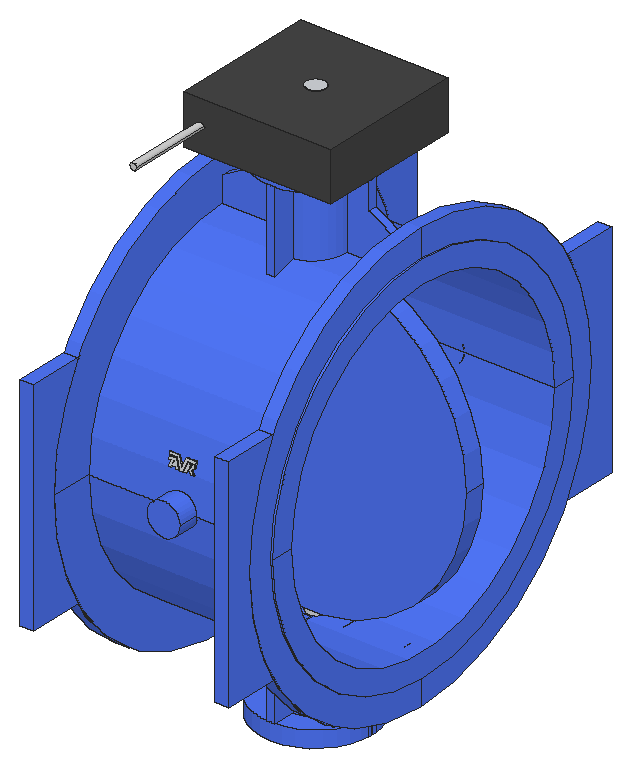
Revit family "756-106-022-DN150-600", category Pipe Accessories, Revit 2019
Family settings
  Round Connector Dimension = Use Diameter
  Part Type = Valve - Breaks Into
  Work Plane-Based = No
  Always vertical = Yes
  Cut with Voids When Loaded = No
  Shared = No
Parameters (values of type "DN600_PN16")
  W5 = size_lookup(Search_table, "W5", 0 mm, DN)  # 284 mm
  W4 = size_lookup(Search_table, "W4", 0 mm, DN)  # 437 mm
  W3 = size_lookup(Search_table, "W3", 0 mm, DN)  # 426 mm
  W2 = size_lookup(Search_table, "W2", 0 mm, DN)  # 556 mm
  W1 = size_lookup(Search_table, "W1", 0 mm, DN)  # 435 mm
  URL_product_pages = "https://www.avkvalves.com/P.aspx?no=756015011400609"
  Rib_width_2 = Gear_box_Mount_Flange_width * 2  # 205 mm
  Rib_width = L - (Flange_Thickness * 2)  # 330 mm
  Rib_height_2 = H1 - Flange_OD  # 77 mm
  Rib_depth = if(DN > 149 mm, 15 mm, if(DN > 299 mm, 15 mm, if(DN > 399 mm, 20 mm, 20 mm)))  # 15 mm
  Rib_height = Flange_OD / 1.1  # 354.545 mm
  Rf_Dia = size_lookup(Search_table, "RF_Dia", 0 mm, DN) / 2  # 341 mm
  Rf_Cut_OD = H2 * 1.5  # 700.5 mm
  RF_Cut_Thickness = 5 mm  # constant formula
  Pin_width = L / 2  # 195 mm
  Pin_dia = HW_rod_Dia * 2  # 60 mm
  Pin_Depth = (DN + size_lookup(Search_table, "Flange_OD", 0 mm, DN)) / 2  # 690.05 mm
  Offset = size_lookup(Search_table, "Offset", 0 mm, DN)  # 3 mm
  L2 = size_lookup(Search_table, "L2", 0 mm, DN)  # 100 mm
  L1 = size_lookup(Search_table, "L1", 0 mm, DN)  # 94 mm
  L = size_lookup(Search_table, "L", 0 mm, DN)  # 390 mm
  ID (Radius) = DN / 2  # 300.05 mm
  Hand_wheel_rod = size_lookup(Search_table, "Hand_wheel_rod", 0 mm, DN)  # 31.5 mm
  HW_rod_Dia = size_lookup(Search_table, "HW_rod_Dia", 0 mm, DN)  # 30 mm
  HW_height = W5 - (HW_rod_Dia / 2)  # 269 mm
  HW_Ref = size_lookup(Search_table, "HW_Ref", 0 mm, DN)  # 104 mm
  HW_Connecting_Rib_ref = (W2 + H1) / 2  # 511.5 mm
  HW_Connecting_Rib = D * 2  # 24.6 mm
  H2 = size_lookup(Search_table, "H2", 0 mm, DN)  # 467 mm
  H1 = size_lookup(Search_table, "H1", 0 mm, DN)  # 467 mm
  Gear_box_width = Gear_box_Mount_Flange_width * 1.3  # 133.25 mm
  Flange_Thickness = size_lookup(Search_table, "Flange_Thickness", 0 mm, DN)  # 30 mm
  Flange_OD = size_lookup(Search_table, "Flange_OD", 0 mm, DN) / 2  # 390 mm
  Disc_Dia = size_lookup(Search_table, "Disc_Dia", 0 mm, DN)  # 584 mm
  Disc _width = if(DN > 499 mm, 35 mm, if(DN > 399 mm, 25 mm, if(DN > 349 mm, 20 mm, if(DN > 249 mm, 15 mm, if(DN > 149 mm, 10 mm, 10 mm)))))  # 35 mm
  DN = 600.1 mm
  Search_table = "756-106-022-DN150-600"
  Disc_2 = size_lookup(Search_table, "Disk_2", 0 mm, DN)  # 20 mm
  Disc_1 = size_lookup(Search_table, "Disk_1", 0 mm, DN)  # 20 mm
  Description_ = "AVK DOUBLE ECC. BUTTERFLY VALVE, LONG"
  DN600_PN16 = "756-0600-1-1400609"
  DN600_PN10 = "756-0600-1-0400609"
  DN600 = yes
  DN500_PN16 = "756-0500-1-1400609"
  DN500_PN10 = "756-0500-1-0400609"
  DN500 = yes
  DN450_PN16 = "756-0450-1-1400609"
  DN450_PN10 = "756-0450-1-0400609"
  DN450 = yes
  DN400_PN16 = "756-0400-1-1400609"
  DN400_PN10 = "756-0400-1-0400609"
  DN400 = yes
  DN350_PN16 = "756-0350-1-1400609"
  DN350_PN10 = "756-0350-1-0400609"
  DN350 = yes
  DN300_PN16 = "756-0300-1-1400609"
  DN300_PN10 = "756-0300-1-0400609"
  DN300 = yes
  DN250_PN16 = "756-0250-1-1400609"
  DN250_PN10 = "756-0250-1-0400609"
  DN250 = yes
  DN200_PN16 = "756-0200-1-1400609"
  DN200_PN10 = "756-0200-1-0400609"
  DN200 = yes
  DN150_PN10/16 = "756-0150-1-1400609"
  DN150 = yes
  D = size_lookup(Search_table, "D", 0 mm, DN)  # 12.3 mm
  C_rod = if(DN > 499 mm, 34 mm, if(DN > 399 mm, 24 mm, if(DN > 349 mm, 19 mm, if(DN > 249 mm, 14 mm, if(DN > 149 mm, 9 mm, 9 mm)))))  # 34 mm
  Bottom_width = size_lookup(Search_table, "Bottom_width", 0 mm, DN)  # 400 mm
  Bottom_Depth = DN * 1.5  # 900.15 mm
  Gear_box_Mount_width = size_lookup(Search_table, "Gear_box_Mount_width", 0 mm, DN) * 2  # 62.5 mm
  Gear_box_Mount_Flange_width = size_lookup(Search_table, "Gear_box_Mount_Flange_width", 0 mm, DN) / 2  # 102.5 mm
  Gear_box_Mount_Flange_thickness = size_lookup(Search_table, "Gear_box_Mount_Flange_thickness", 0 mm, DN)  # 30 mm
  Body_wallthickness = 10 mm  # constant formula
Types (18, lengths in mm): name | W5 | W4 | W3 | W2 | W1 | Rib_width_2 | Rib_width | Rib_height_2 | Rib_height | Rf_Dia | Rf_Cut_OD | Pin_width | Pin_dia | Pin_Depth | Offset | L2 | L1 | L | ID (Radius) | Hand_wheel_rod | HW_rod_Dia | HW_height | HW_Ref | HW_Connecting_Rib_ref | H2 | H1 | Gear_box_width | Flange_Thickness | Flange_OD | Disc_Dia | Disc _width | DN | Disc_2 | Disc_1 | DN500_PN10 | C_rod | Bottom_width | Bottom_Depth | Gear_box_Mount_width | Gear_box_Mount_Flange_width | Gear_box_Mount_Flange_thickness
  (no name) | 284 | 437 | 426 | 556 | 435 | 205 | 330 | 77 | 354.545 | 341 | 700.5 | 195 | 60 | 690.05 | 3 | 100 | 94 | 390 | 300.05 | 31.5 | 30 | 269 | 104 | 511.5 | 467 | 467 | 133.25 | 30 | 390 | 584 | 35 | 600.1 | 20 | 20 | "756-0500-1-0400609" | 34 | 400 | 900.15 | 62.5 | 102.5 | 30
  DN150_PN10/16 | 178 | 6 | 6 | 261 | 155 | 136 | 180 | 58.5 | 129.545 | 105.5 | 301.5 | 105 | 30 | 217.5 | 3 | 1 | 1 | 210 | 75 | 36.5 | 15 | 170.5 | 71 | 231 | 201 | 201 | 88.4 | 15 | 142.5 | 133 | 10 | 150 | 2 | 2 | "756-0500-1-0400609" | 9 | 120 | 225 | 43 | 68 | 15
  DN200_PN10 | 178 | 6 | 6 | 279 | 182 | 136 | 200 | 30 | 154.545 | 133 | 300 | 115 | 30 | 270 | 5 | 1 | 1 | 230 | 100 | 31.5 | 15 | 170.5 | 71 | 239.5 | 200 | 200 | 88.4 | 15 | 170 | 180 | 10 | 200 | 2 | 2 | "756-0450-1-0400609" | 9 | 140 | 300 | 43 | 68 | 15
  DN250_PN10 | 178 | 6 | 6 | 313 | 215 | 130 | 220 | 31.5 | 184.091 | 159.5 | 351 | 125 | 30 | 327.5 | 5 | 1 | 1 | 250 | 125 | 31.5 | 15 | 170.5 | 71 | 273.5 | 234 | 234 | 84.5 | 15 | 202.5 | 252 | 15 | 250 | 2 | 2 | "756-0500-1-0400609" | 14 | 170 | 375 | 37 | 65 | 15
  DN300_PN10 | 178 | 104 | 6 | 343 | 242 | 150 | 230 | 34 | 209.091 | 185 | 396 | 135 | 40 | 380 | 6 | 12 | 1 | 270 | 150 | 31 | 20 | 168 | 71 | 303.5 | 264 | 264 | 97.5 | 20 | 230 | 282.17 | 15 | 300 | 20 | 3 | "756-0500-1-0400609" | 14 | 210 | 450 | 45 | 75 | 20
  DN350_PN10 | 178 | 173 | 151 | 369 | 272 | 160 | 250 | 30 | 236.364 | 214.5 | 435 | 145 | 40 | 435 | 3 | 26 | 20 | 290 | 175 | 30.5 | 20 | 168 | 71 | 329.5 | 290 | 290 | 104 | 20 | 260 | 335 | 20 | 350 | 20 | 20 | "756-0500-1-0400609" | 19 | 210 | 525 | 50 | 80 | 20
  DN400_PN10 | 189 | 232 | 215 | 403 | 302 | 150 | 270 | 31 | 263.636 | 240 | 481.5 | 155 | 40 | 490 | 3 | 41 | 35 | 310 | 200 | 32 | 20 | 179 | 80 | 362 | 321 | 321 | 97.5 | 20 | 290 | 385 | 25 | 400 | 20 | 20 | "756-0500-1-0400609" | 24 | 260 | 600 | 45 | 75 | 20
  DN450_PN10 | 189 | 284 | 267 | 440 | 332 | 185 | 270 | 38 | 290.909 | 265 | 537 | 165 | 60 | 545 | 3 | 55 | 48 | 330 | 225 | 30 | 30 | 174 | 86 | 399 | 358 | 358 | 120.25 | 30 | 320 | 432 | 25 | 450 | 20 | 20 | "756-0500-1-0400609" | 24 | 280 | 675 | 58 | 92.5 | 30
  DN500_PN10 | 189 | 335 | 322 | 468 | 338 | 185 | 290 | 51 | 304.545 | 291 | 579 | 175 | 60 | 585 | 3 | 69 | 63 | 350 | 250 | 30 | 30 | 174 | 86 | 427 | 386 | 386 | 120.25 | 30 | 335 | 482.61 | 35 | 500 | 20 | 20 | "756-0500-1-0400609" | 34 | 320 | 750 | 58 | 92.5 | 30
  DN600_PN10 | 205 | 437 | 426 | 536 | 393 | 205 | 330 | 55 | 354.545 | 341 | 667.5 | 195 | 60 | 690 | 3 | 100 | 94 | 390 | 300 | 31.5 | 30 | 190 | 104 | 490.5 | 445 | 445 | 133.25 | 30 | 390 | 584 | 35 | 600 | 20 | 20 | "756-0500-1-0400609" | 34 | 400 | 900 | 62.5 | 102.5 | 30
  DN200_PN16 | 178 | 6 | 6 | 279 | 182 | 136 | 200 | 30 | 154.545 | 133 | 300 | 115 | 30 | 270.05 | 5 | 1 | 1 | 230 | 100.05 | 31.5 | 15 | 170.5 | 71 | 239.5 | 200 | 200 | 88.4 | 15 | 170 | 180 | 10 | 200.1 | 2 | 2 | "756-0500-1-0400609" | 9 | 140 | 300.15 | 43 | 68 | 15
  DN250_PN16 | 178 | 6 | 6 | 313 | 215 | 130 | 220 | 31.5 | 184.091 | 159.5 | 351 | 125 | 30 | 327.55 | 5 | 1 | 1 | 250 | 125.05 | 31.5 | 15 | 170.5 | 71 | 273.5 | 234 | 234 | 84.5 | 15 | 202.5 | 252 | 15 | 250.1 | 2 | 2 | "756-0500-1-0400609" | 14 | 170 | 375.15 | 37 | 65 | 15
  DN300_PN16 | 189 | 104 | 6 | 343 | 242 | 150 | 230 | 34 | 209.091 | 185 | 396 | 135 | 40 | 380.05 | 6 | 12 | 1 | 270 | 150.05 | 31 | 20 | 179 | 71 | 303.5 | 264 | 264 | 97.5 | 20 | 230 | 282.17 | 15 | 300.1 | 20 | 3 | "756-0500-1-0400609" | 14 | 210 | 450.15 | 45 | 75 | 20
  DN350_PN16 | 189 | 173 | 151 | 369 | 272 | 160 | 250 | 30 | 236.364 | 214.5 | 435 | 145 | 40 | 435.05 | 3 | 26 | 20 | 290 | 175.05 | 30.5 | 20 | 179 | 71 | 329.5 | 290 | 290 | 104 | 20 | 260 | 335 | 20 | 350.1 | 20 | 20 | "756-0500-1-0400609" | 19 | 210 | 525.15 | 50 | 80 | 20
  DN400_PN16 | 189 | 232 | 215 | 403 | 302 | 150 | 270 | 31 | 263.636 | 240 | 481.5 | 155 | 40 | 490.05 | 3 | 41 | 35 | 310 | 200.05 | 32 | 20 | 179 | 80 | 362 | 321 | 321 | 97.5 | 20 | 290 | 385 | 25 | 400.1 | 20 | 20 | "756-0500-1-0400609" | 24 | 260 | 600.15 | 45 | 75 | 20
  DN450_PN16 | 205 | 284 | 267 | 440 | 332 | 185 | 270 | 38 | 290.909 | 265 | 537 | 165 | 60 | 545.05 | 3 | 55 | 48 | 330 | 225.05 | 30 | 30 | 190 | 86 | 399 | 358 | 358 | 120.25 | 30 | 320 | 432 | 25 | 450.1 | 20 | 20 | "756-0500-1-0400609" | 24 | 280 | 675.15 | 58 | 92.5 | 30
  DN500_PN16 | 205 | 335 | 322 | 477 | 370 | 185 | 290 | 60 | 304.545 | 291 | 592.5 | 175 | 60 | 585.05 | 3 | 69 | 63 | 350 | 250.05 | 30 | 30 | 190 | 86 | 436 | 395 | 395 | 120.25 | 30 | 335 | 482.61 | 35 | 500.1 | 20 | 20 | "756-0500-1-0400609" | 34 | 320 | 750.15 | 58 | 92.5 | 30
  DN600_PN16 | 284 | 437 | 426 | 556 | 435 | 205 | 330 | 77 | 354.545 | 341 | 700.5 | 195 | 60 | 690.05 | 3 | 100 | 94 | 390 | 300.05 | 31.5 | 30 | 269 | 104 | 511.5 | 467 | 467 | 133.25 | 30 | 390 | 584 | 35 | 600.1 | 20 | 20 | "756-0500-1-0400609" | 34 | 400 | 900.15 | 62.5 | 102.5 | 30
Reference planes
  plane 1 "Center (Front/Back)": y = 0
  plane 2: z = 0
  plane 3 "Center (Left/Right)": x = 0
  plane 4: y = 300.05
  plane 5: y = 310.05
  plane 6: x = 195
  plane 7: x = 165
  plane 8: x = -165
  plane 9: x = -195
  plane 10: z = 467
  plane 11: x = 102.5
  plane 12: z = 437
  plane 13: z = -467
  plane 14: x = 102.5
  plane 15: z = -437
  plane 16: x = 62.5
  plane 17: x = 102.5
  plane 18: x = -102.5
  plane 19: z = 467
  plane 20: z = 390
  plane 21: z = 300.05
  plane 22: x = 165
  plane 23: x = -165
  plane 24: z = 354.545
  plane 25: y = 7.5
  plane 26: y = -7.5
  plane 27: x = 102.5
  plane 28: x = -102.5
  plane 29: z = -467
  plane 30: z = -390
  plane 31: z = -300.05
  plane 32: x = 165
  plane 33: x = -165
  plane 34: z = -354.545
  plane 35: y = 102.5
  plane 36: y = -102.5
  plane 37: x = -7.5
  plane 38: x = 7.5
  plane 39: z = 200
  plane 40: z = -200
  plane 41: y = -435
  plane 42: y = 435
  plane 43: z = 556
  plane 44: x = -133.25
  plane 45: x = 133.25
  plane 46: y = 133.25
  plane 47: y = -133.25
  plane 48: y = -284
  plane 49: y = -254
  plane 50: z = -467
  plane 51: z = 556
  plane 52: x = 62.5
  plane 53: y = 300.05
  plane 54: y = -300.05
  plane 55: y = 345.025
  plane 56: y = -345.025
  plane 57: x = -104
  plane 58: z = 511.5
  plane 59: x = -403
  plane 60: x = -3
  plane 61: z = 86.159
  plane 62: z = -77.255
  plane 63: y = -17.5
  plane 64: y = 17.5
  plane 65: z = 369.956
  plane 66: z = -319.045
  plane 67: z = -213
  plane 68: z = 213
  plane 69: z = 218.5
  plane 70: z = -218.5
  plane 71: z = 517.65
  plane 72: z = 505.35
Forms (mm)
  Revolve 1, solid, material "Plastic"
    sketch origin (0, 0, 0) x (1, 0, 0) y (0, 1, 0)
      loop
        line (-165, 310.05) -> (-165, 390) -> (-195, 390) -> (-195, 300.05) -> (195, 300.05) -> (195, 390) -> (165, 390) -> (165, 310.05) -> (-165, 310.05)
      axis (-195, 0) -> (195, 0)
    angle from 0 to 360
  Revolve 2, solid, material "Plastic"
    sketch origin (0, 0, 0) x (1, 0, 0) y (0, 0, 1)
      loop
        line (62.5, 437) -> (102.5, 437) -> (102.5, 467) -> (0, 467) -> (0, 300.05) -> (62.5, 300.05) -> (62.5, 437)
      axis (0, 467) -> (0, 300.05)
    angle from 0 to 360
  Revolve 3, solid, material "Plastic"
    sketch origin (0, 0, 0) x (1, 0, 0) y (0, 0, -1)
      loop
        line (62.5, 300.05) -> (62.5, 437) -> (102.5, 437) -> (102.5, 467) -> (0, 467) -> (0, 300.05) -> (62.5, 300.05)
      axis (0, 467) -> (0, 300.05)
    angle from 0 to 360
  Extrusion 4, solid, material "Plastic"
    sketch origin (0, 0, 0) x (1, 0, 0) y (0, 0, 1)
      loop
        line (102.5, 467) -> (-102.5, 467) -> (-102.5, 390) -> (-165, 354.545) -> (-165, 300.05) -> (165, 300.05) -> (165, 354.545) -> (102.5, 390) -> (102.5, 467)
    from -7.5 to 7.5
  Extrusion 5, solid, material "Plastic"
    sketch origin (0, 0, 0) x (1, 0, 0) y (0, 0, 1)
      loop
        line (102.5, -467) -> (102.5, -390) -> (165, -354.545) -> (165, -300.05) -> (-165, -300.05) -> (-165, -354.545) -> (-102.5, -390) -> (-102.5, -467) -> (102.5, -467)
    from -7.5 to 7.5
  Extrusion 6, solid, material "Plastic"
    sketch origin (0, 0, 0) x (0, 1, 0) y (0, 0, 1)
      loop
        line (102.5, 437) -> (-102.5, 437) -> (-102.5, -437) -> (102.5, -437) -> (102.5, 437)
    from -7.5 to 7.5
  Extrusion 7, solid, material "Plastic"
    sketch origin (0, 0, 0) x (0, 1, 0) y (0, 0, 1)
      loop
        line (435, -200) -> (435, 200) -> (334.813, 200)
        arc (334.813, 200) -> (375.95, 103.737) -> (390, 0) r 390
        arc (390, 0) -> (375.95, -103.737) -> (334.813, -200) r 390
        line (334.813, -200) -> (435, -200)
      loop
        line (-435, 200) -> (-435, -200) -> (-334.813, -200)
        arc (-334.813, -200) -> (-375.95, -103.737) -> (-390, 0) r 390
        arc (-390, 0) -> (-375.95, 103.737) -> (-334.813, 200) r 390
        line (-334.813, 200) -> (-435, 200)
    from 165 to 195
  Extrusion 8, void
    sketch origin (0, 0, 0) x (0, 1, 0) y (0, 0, 1)
      loop
        circle (0, 0) r 300.05
    from -195 to 195
  Extrusion 9, solid, material "Plastic"
    sketch origin (0, 0, 0) x (0, 1, 0) y (0, 0, -1)
      loop
        line (-435, -200) -> (-334.813, -200)
        arc (-334.813, -200) -> (-375.95, -103.737) -> (-390, 0) r 390
        arc (-390, 0) -> (-375.95, 103.737) -> (-334.813, 200) r 390
        line (-334.813, 200) -> (-435, 200) -> (-435, -200)
      loop
        line (435, 200) -> (334.813, 200)
        arc (334.813, 200) -> (375.95, 103.737) -> (390, 0) r 390
        arc (390, 0) -> (375.95, -103.737) -> (334.813, -200) r 390
        line (334.813, -200) -> (435, -200) -> (435, 200)
    from 165 to 195
  Extrusion 10, solid, material "Plastic(1)"
    sketch origin (0, 0, 0) x (1, 0, 0) y (0, 0, 1)
      loop
        line (-133.25, 467) -> (133.25, 467) -> (133.25, 556) -> (-133.25, 556) -> (-133.25, 467)
    from -133.25 to 133.25
  Extrusion 11, solid, material "Stainless Steel AISI 304(1)"
    sketch origin (0, 0, 0) x (1, 0, 0) y (0, 0, 1)
      loop
        circle (-104, 511.5) r 6.15
    from 0 to 284
  Extrusion 12, solid, material "Plastic"
    sketch origin (0, 0, 0) x (1, 0, 0) y (0, 0, 1)
      loop
        circle (0, 0) r 30
    from -345.025 to -300.05
  Extrusion 13, solid, material "Plastic"
    sketch origin (0, 0, 0) x (1, 0, 0) y (0, 0, 1)
      loop
        circle (0, 0) r 30
    from 345.025 to 300.05
  Extrusion 14, solid, material "Plastic"
    sketch origin (0, 0, 0) x (1, 0, 0) y (0, 0, 1)
      loop
        circle (-3, 0) r 292
    from -17.5 to 17.5
  Extrusion 15, solid
    sketch origin (0, 0, 0) x (1, 0, 0) y (0, 1, 0)
      loop
        circle (0, 0) r 17
    from -467 to 556
  Revolve 16, void
    sketch origin (0, 0, 0) x (1, 0, 0) y (0, 0, 1)
      loop
        line (190, 700.5) -> (190, 341) -> (195, 341) -> (195, 700.5) -> (190, 700.5)
      loop
        line (-190, 700.5) -> (-195, 700.5) -> (-195, 341) -> (-190, 341) -> (-190, 700.5)
      axis (-195, 0) -> (195, 0)
    angle from 0 to 360
Cuts and joins
  Extrusion 8, Revolve 16 cuts Revolve 1
  Extrusion 8 cuts Extrusion 6
  Extrusion 8, Revolve 16 cuts Extrusion 7
  Revolve 16 cuts Extrusion 9
Dimensions and locks
  equal spacing: plane 9, plane 3 "Center (Left/Right)", plane 6
  "L": plane 9 to plane 6
  "ID (Radius)": plane 4 to plane 1 "Center (Front/Back)"
  "Body_wallthickness": plane 5 to plane 4
  "Flange_Thickness": plane 7 to plane 6
  "Flange_Thickness": plane 9 to plane 8
  "Flange_OD": plane 1 "Center (Front/Back)" to Revolve 1 sketch curve
  "H1": plane 10 to level
  "Gear_box_Mount_Flange_thickness": plane 10 to plane 12
  "ID (Radius)": Revolve 2 sketch curve to level
  "Gear_box_Mount_Flange_width": plane 3 "Center (Left/Right)" to plane 11
  "Gear_box_Mount_Flange_thickness": plane 13 to plane 15
  "H1": level to plane 13
  "ID (Radius)": level to Revolve 3 sketch curve
  "ID (Radius)": plane 21 to level
  "H1": plane 19 to level
  "Gear_box_Mount_Flange_width": plane 3 "Center (Left/Right)" to plane 17
  "Gear_box_Mount_Flange_width": plane 18 to plane 3 "Center (Left/Right)"
  "Rib_height": plane 24 to level
  equal spacing: plane 25, plane 1 "Center (Front/Back)", plane 26
  "Rib_depth": plane 25 to plane 26
  equal spacing: plane 22, plane 3 "Center (Left/Right)", plane 23
  "Rib_width": plane 22 to plane 23
  "Rib_height_2": plane 19 to plane 20
  "Rib_height_2": plane 29 to plane 30
  "Rib_height": level to plane 34
  "Gear_box_Mount_Flange_width": plane 28 to plane 3 "Center (Left/Right)"
  "Gear_box_Mount_Flange_width": plane 3 "Center (Left/Right)" to plane 27
  "ID (Radius)": level to plane 31
  "H1": level to plane 29
  equal spacing: plane 32, plane 3 "Center (Left/Right)", plane 33
  "Rib_width": plane 32 to plane 33
  equal spacing: plane 35, plane 1 "Center (Front/Back)", plane 36
  equal spacing: plane 37, plane 3 "Center (Left/Right)", plane 38
  "Rib_depth": plane 37 to plane 38
  equal spacing: plane 42, plane 1 "Center (Front/Back)", plane 41
  "W1": plane 1 "Center (Front/Back)" to plane 41
  "W1": plane 42 to plane 1 "Center (Front/Back)"
  "Bottom_width": plane 39 to plane 40
  equal spacing: plane 39, level, plane 40
  "W2": plane 43 to level
  equal spacing: plane 45, plane 3 "Center (Left/Right)", plane 44
  equal spacing: plane 46, plane 1 "Center (Front/Back)", plane 47
  "Rib_width_2": plane 35 to plane 36
  "Gear_box_width": plane 45 to plane 3 "Center (Left/Right)"
  "Gear_box_width": plane 1 "Center (Front/Back)" to plane 47
  "W5": plane 1 "Center (Front/Back)" to plane 48
  "HW_rod_Dia": plane 49 to plane 48
  "H2": level to plane 50
  "W2": plane 51 to level
  "W1": plane 1 "Center (Front/Back)" to Extrusion 9
  "Gear_box_Mount_width": plane 52 to plane 3 "Center (Left/Right)"
  "Gear_box_Mount_width": plane 3 "Center (Left/Right)" to plane 16
  "Gear_box_Mount_Flange_width": plane 3 "Center (Left/Right)" to plane 14
  "Pin_width": cut or joined group of Extrusion 7, Extrusion 8, Revolve 16 to Extrusion 12 sketch curve
  equal spacing: plane 53, plane 1 "Center (Front/Back)", plane 54
  "DN": plane 53 to plane 54
  equal spacing: plane 55, plane 1 "Center (Front/Back)", plane 56
  "Pin_Depth": plane 55 to plane 56
  "HW_Ref": plane 3 "Center (Left/Right)" to Extrusion 11 sketch curve
  "HW_Ref": plane 3 "Center (Left/Right)" to plane 57
  "HW_Connecting_Rib_ref": plane 58 to level
  plane 3 "Center (Left/Right)" to plane 59 = 403 mm
  cut or joined group of Revolve 1, Extrusion 8, Revolve 16 to cut or joined group of Revolve 1, Extrusion 8, Revolve 16 = 390 mm  (x2)
  "Offset": plane 60 to plane 3 "Center (Left/Right)"
  plane 61 to plane 62 = 163.413 mm
  Extrusion 14 to cut or joined group of Revolve 1, Extrusion 8, Revolve 16 = 100 mm
  equal spacing: plane 64, plane 1 "Center (Front/Back)", plane 63
  equal spacing: cut or joined group of Revolve 1, Extrusion 8, Revolve 16, Extrusion 15 sketch curve, cut or joined group of Revolve 1, Extrusion 8, Revolve 16
  equal spacing: plane 53, Extrusion 15 sketch curve, plane 54
  Extrusion 10 to plane 65 = 186.044 mm
  "Disc _width": plane 64 to plane 63
  "HW_Connecting_Rib_ref": Extrusion 11 sketch curve to level
  "Rf_Cut_OD": Revolve 16 sketch curve to level
  "Rf_Dia": Revolve 16 sketch curve to level
  "RF_Cut_Thickness": Revolve 16 sketch curve to Revolve 16 sketch curve  (x2)
  cut or joined group of Revolve 1, Extrusion 8, Revolve 16 to Extrusion 14 = 94 mm
  "W3": plane 68 to plane 67
  "W4": plane 69 to plane 70
  equal spacing: plane 69, level, plane 70
  equal spacing: plane 68, level, plane 67
  equal spacing: plane 72, plane 58, plane 71
  "D": plane 72 to plane 71
  "Pin_dia": diameter of Extrusion 12 sketch curve
  "Disc_Dia": diameter of Extrusion 14 sketch curve
  "C_rod": diameter of Extrusion 15 sketch curve
  "D": diameter of Extrusion 11 sketch curve
  aligned and locked: level to plane 2
  aligned and locked: Revolve 1 sketch curve to plane 4
  aligned and locked: plane 5 to Revolve 1 sketch curve
  aligned and locked: Revolve 1 sketch curve to plane 6
  aligned and locked: Revolve 1 sketch curve to plane 7
  aligned and locked: Revolve 1 sketch curve to plane 8
  aligned and locked: Revolve 1 sketch curve to plane 9
  aligned and locked: Revolve 1 sketch curve to Revolve 1 sketch curve
  aligned and locked: plane 1 "Center (Front/Back)" to Revolve 1 sketch curve
  aligned and locked: Revolve 2 sketch curve to Revolve 2 sketch curve
  aligned and locked: plane 10 to Revolve 2 sketch curve
  aligned and locked: Revolve 2 sketch curve to plane 11  (x2)
  aligned and locked: plane 12 to Revolve 2 sketch curve
  aligned and locked: Revolve 2 sketch curve to plane 3 "Center (Left/Right)"
  aligned and locked: Revolve 3 sketch curve to plane 14
  aligned and locked: plane 13 to Revolve 3 sketch curve
  aligned and locked: Extrusion 4 sketch curve to plane 17  (x2)
  aligned and locked: Extrusion 4 sketch curve to plane 19
  aligned and locked: Extrusion 4 sketch curve to plane 18  (x2)
  aligned and locked: plane 19 to Extrusion 4 sketch curve
  aligned and locked: Extrusion 4 sketch curve to plane 20
  aligned and locked: plane 20 to Extrusion 4 sketch curve
  aligned and locked: Extrusion 4 sketch curve to plane 24
  aligned and locked: plane 22 to Extrusion 4 sketch curve  (x2)
  aligned and locked: plane 24 to Extrusion 4 sketch curve
  aligned and locked: plane 23 to Extrusion 4 sketch curve  (x2)
  aligned and locked: plane 21 to Extrusion 4 sketch curve
  aligned and locked: Extrusion 4 to plane 25
  aligned and locked: Extrusion 4 to plane 26
  aligned and locked: Extrusion 5 sketch curve to plane 27  (x2)
  aligned and locked: plane 32 to Extrusion 5 sketch curve  (x2)
  aligned and locked: plane 33 to Extrusion 5 sketch curve  (x2)
  aligned and locked: plane 31 to Extrusion 5 sketch curve  (x2)
  aligned and locked: Extrusion 5 sketch curve to plane 34
  aligned and locked: plane 28 to Extrusion 5 sketch curve  (x2)
  aligned and locked: Extrusion 5 sketch curve to plane 30
  aligned and locked: plane 30 to Extrusion 5 sketch curve
  aligned and locked: Extrusion 5 sketch curve to plane 29
  aligned and locked: plane 29 to Extrusion 5 sketch curve
  aligned and locked: plane 34 to Extrusion 5 sketch curve
  aligned and locked: plane 35 to Extrusion 6 sketch curve
  aligned and locked: Extrusion 6 sketch curve to plane 36
  aligned and locked: Extrusion 6 sketch curve to Revolve 2
  aligned and locked: Extrusion 6 to plane 38
  aligned and locked: Extrusion 6 to plane 37
  aligned and locked: plane 39 to Extrusion 7 sketch curve  (x2)
  aligned and locked: Extrusion 7 sketch curve to plane 39  (x2)
  aligned and locked: Extrusion 7 to Revolve 1  (x2)
  aligned and locked: Extrusion 8 sketch curve to Revolve 1  (x2)
  aligned and locked: plane 41 to Extrusion 7 sketch curve
  aligned and locked: Extrusion 7 sketch curve to plane 40
  aligned and locked: Extrusion 7 sketch curve to plane 41
  aligned and locked: Extrusion 7 sketch curve to plane 42
  aligned and locked: plane 40 to Extrusion 7 sketch curve
  aligned and locked: plane 42 to Extrusion 7 sketch curve
  aligned and locked: Extrusion 7 sketch curve to cut or joined group of Revolve 1, Extrusion 8, Revolve 16  (x4)
  aligned and locked: Extrusion 9 sketch curve to cut or joined group of Extrusion 7, Extrusion 8, Revolve 16  (x6)
  aligned and locked: Extrusion 9 sketch curve to cut or joined group of Revolve 1, Extrusion 8, Revolve 16  (x3)
  aligned and locked: Extrusion 9 to Extrusion 4
  aligned and locked: Extrusion 9 to cut or joined group of Revolve 1, Extrusion 8, Revolve 16
  aligned and locked: Extrusion 10 sketch curve to Revolve 2
  aligned and locked: Extrusion 10 sketch curve to plane 44
  aligned and locked: plane 43 to Extrusion 10 sketch curve
  aligned and locked: Extrusion 10 sketch curve to plane 45
  aligned and locked: Extrusion 10 sketch curve to plane 43
  aligned and locked: plane 47 to Extrusion 10
  aligned and locked: Extrusion 10 to plane 46
  aligned and locked: plane 3 "Center (Left/Right)" to nested 1
  aligned and locked: Revolve 2 sketch curve to plane 52  (x2)
  aligned and locked: plane 16 to Revolve 3 sketch curve
  aligned and locked: plane 15 to Revolve 3 sketch curve  (x2)
  aligned and locked: Revolve 3 sketch curve to plane 3 "Center (Left/Right)"  (x2)
  aligned and locked: Revolve 3 sketch curve to Revolve 3 sketch curve
  aligned and locked: plane 14 to Revolve 3 sketch curve
  aligned and locked: Extrusion 12 to plane 53
  aligned and locked: Extrusion 13 sketch curve to Extrusion 12  (x2)
  aligned and locked: plane 54 to Extrusion 13
  aligned and locked: Extrusion 12 to plane 55
  aligned and locked: plane 56 to Extrusion 13
  aligned and locked: Extrusion 8 to Revolve 1  (x2)
  aligned and locked: Extrusion 10 to Extrusion 15
  aligned and locked: Extrusion 14 to plane 64
  aligned and locked: Extrusion 14 to plane 63
  aligned and locked: Revolve 16 sketch curve to cut or joined group of Revolve 1, Extrusion 8, Revolve 16  (x2)
  aligned and locked: Revolve 16 sketch curve to Revolve 16 sketch curve  (x2)
  aligned and locked: Revolve 16 sketch curve to plane 2
  aligned and locked: cut or joined group of Extrusion 6, Extrusion 8 to Revolve 3
  aligned and locked: plane 48 to Extrusion 11
  aligned and locked: Extrusion 15 to Revolve 3
Automatic sketch dimensions
  Extrusion 9 sketch curve to Extrusion 9 sketch curve = 0 mm
  Revolve 1 sketch curve to plane 57 = 25 mm
  Revolve 1 sketch curve to plane 38 = 19.183 mm
  Revolve 2 sketch curve to Revolve 2 sketch curve = 35.25 mm
  Revolve 3 sketch curve to Revolve 3 sketch curve = 35.25 mm
  Revolve 3 sketch curve to Revolve 3 sketch curve = 42.25 mm
  Extrusion 14 sketch curve to level = 0 mm
  plane 60 to Extrusion 14 sketch curve = 0 mm
  Revolve 2 sketch curve to Revolve 2 sketch curve = 42.25 mm
  plane 50 to Extrusion 6 sketch curve = 30 mm
  plane 37 to Revolve 16 sketch curve = 22.5 mm
  Revolve 16 sketch curve to plane 38 = 37.5 mm
  Extrusion 12 sketch curve to level = 0 mm
Nested families
  nested 1: "LOGO LV Final" at (0, -306.043, 49.686) x (1, 0, 0) z (0, -0.9871, 0.1603), type "LOGO LV Final"
Connectors
  piping at (-195, 0, 0), diameter 600.1, driven by "DN"
    settings: on Revolve 1, index 1, connector inside diameter 609.6 mm, connector length 0 mm, flow factor 0, pipe flow 0.0 L/s, pressure drop 0.0 Pa, fitting loss kfactor 0, connector angle 0.00°, fixture units 0, engagement length 0 mm, angle of deflection 0.00°, flow configuration 0, flow direction 0, fitting loss method 0, system type 7, joint type 0, gender type 0, connector reference index -1, connector utility 0, adjustable connector no, is connector primary yes, connector description ""
  piping at (195, 0, 0), diameter 600.1, driven by "DN"
    settings: on Revolve 1, index 2, connector inside diameter 609.6 mm, connector length 0 mm, flow factor 0, pipe flow 0.0 L/s, pressure drop 0.0 Pa, fitting loss kfactor 0, connector angle 0.00°, fixture units 0, engagement length 0 mm, angle of deflection 0.00°, flow configuration 0, flow direction 0, fitting loss method 0, system type 7, joint type 0, gender type 0, connector reference index -1, connector utility 0, adjustable connector no, is connector primary no, connector description ""
Definition of nested family "LOGO LV Final"
  Parameters (values of type "LOGO LV Final")
    Default Elevation = 1219.2 mm
  Reference planes
    plane 1 "Center (Front/Back)": y = 0
    plane 2: z = 0
    plane 3 "Center (Left/Right)": x = 0
  Forms (mm)
    Extrusion 1, solid
      sketch origin (0, 0, 0) x (1, 0, 0) y (0, 1, 0)
        loop
          line (-1219.2, 1219.2) -> (-1219.2, -1219.2) -> (1219.2, -1219.2) -> (1219.2, 1219.2) -> (-1219.2, 1219.2)
      from 0 to -304.8
    Extrusion 2, solid
      sketch origin (0, 0, 0) x (1, 0, 0) y (0, 1, 0)
        loop
          line (-6.514, 34.224) -> (-24, 34.224) -> (-24, 29.481) -> (-9.766, 29.481) -> (-2.391, 11.367) -> (2.391, 11.367) -> (9.766, 29.481) -> (24, 29.481) -> (24, 34.224) -> (6.514, 34.224) -> (0, 18.224) -> (-6.514, 34.224)
        loop
          line (-10.996, 27.653) -> (-24, 27.653) -> (-24, 23.081) -> (-19.503, 23.081) -> (-24, 11.367) -> (-18.92, 11.367) -> (-17.955, 13.881) -> (-10.51, 13.881) -> (-9.486, 11.367) -> (-4.365, 11.367) -> (-10.996, 27.653)
        loop
          line (-16.777, 18.224) -> (-12.278, 18.224) -> (-14.594, 23.912) -> (-16.777, 18.224)
        loop
          line (4.365, 11.367) -> (9.486, 11.367) -> (12.093, 17.77) -> (16.918, 11.367) -> (22.857, 11.367) -> (17.399, 18.61)
          arc (17.399, 18.61) -> (20.583, 20.18) -> (22.629, 23.081) r 7.2
          line (22.629, 23.081) -> (24, 23.081) -> (24, 27.653) -> (19.429, 27.653)
          arc (19.429, 27.653) -> (17.763, 23.526) -> (13.699, 21.714) r 5.943
          line (13.699, 21.714) -> (16.117, 27.653) -> (10.996, 27.653) -> (4.365, 11.367)
      from 0 to 1
  Dimensions and locks
    aligned and locked: plane 2 to Extrusion 1
    aligned and locked: level to Extrusion 1
    aligned and locked: Extrusion 2 sketch curve to import instance
